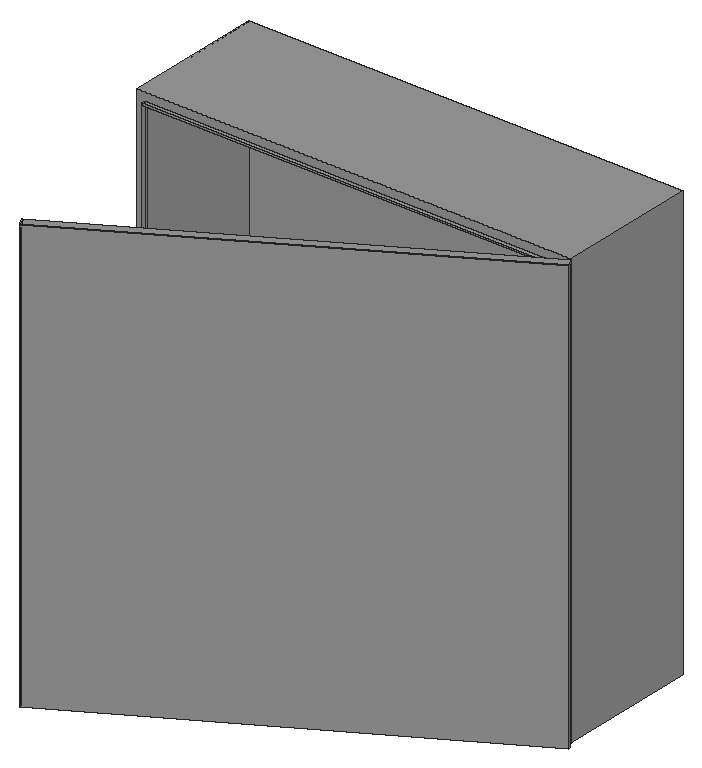
Revit family "Hager-Univers-IP55-D275-H800-Cl.I-Steel_encl-NoHosted-CH-de", category Equipement électrique, Revit 2020
Family settings
  Configuration du panneau = Deux colonnes, circuits au sein
  Cote de connecteur circulaire = Utiliser le diamètre
  Type d'élément = Tableau de raccordement
  Basée sur le plan de construction = Oui
  Toujours verticalement = Oui
  Couper avec des vides une fois chargée = Non
  Partagée = Non
  Point de calcul de pièce = Non
Parameters (values of type "Aufputz IP55 B800 H800 T275  - FR53E")
  Width Control [instance] = if([EF000008 - Breite] > Min Width, [EF000008 - Breite], Min Width)  # 800 mm
  Commentaires du type = [HG000003 - Bereich]  # "Univers"
  Thickness Door [instance] = if([EF009171 - Materialstärke Tür/Deckel] > 3 mm, 3 mm, [EF009171 - Materialstärke Tür/Deckel])  # 1.5 mm
  Seal Frame Offset [instance] = 17 mm  # constant formula
  Plinth Visibility [instance] = [HG000027 - Sockelhöhe] > 0 mm  # no
  Min Width [instance] = 100 mm  # constant formula
  Min Depth [instance] = (2 * [EF009170 - Materialstärke Gehäuse]) + 1 mm  # 4 mm
  Min Height [instance] = 100 mm  # constant formula
  Internal Frame Depth [instance] = (Door System Depth * 0.5)  # 9 mm
  Panel Name [instance] = ""  # (empty or 0)
  Model = ""
  HG000027 - Sockelhöhe = 0 mm
  HG000026 - Stehend auf dem Boden = no
  HG000024 - Höhe des unteren Teils = 600 mm
  HG000023 - Gehäuse mit doppeltem Querschnitt = no
  HG000016 - 3D-Türsichtbarkeit [instance] = yes
  HG000015 - Sichtbarkeit der Türöffnung [instance] = no
  HG000014 - Tür rechts [instance] = yes
  HG000013 - Tür links [instance] = not([HG000014 - Tür rechts])  # no
  HG000012 - Türschwenkwinkel [instance] = 30.00°
  HG000010 - Asymmetrische Türen = no
  HG000009 - Doppelflügeligen Tür = no
  HG000006 - Unterputz = no
  HG000004 - Herstellerreferenz = "FR53E"
  HG000003 - Bereich = "Univers"
  HG000002 - Mit tür = yes
  Frame Offset Bottom [instance] = 10 mm  # constant formula
  Frame Offset [instance] = 15 mm  # constant formula
  EF015940 - Deckel mit Überdruckentlastung = no
  EF011959 - Schutzart (NEMA) = ""
  EF009554 - Anzahl der Öffnungen für Flanschplatten = 6
  EF009212 - Ausführung Deckel = "EV000116 - geschlossen"
  EF009171 - Materialstärke Tür/Deckel = 1.5 mm
  EF009170 - Materialstärke Gehäuse = 1.5 mm
  EF008873 - Nennstrom (In) = 800 A
  EF007800 - Geeignet für Blitzschutz = no
  EF006306 - Mit Schloss = no
  EF006244 - Transparenter Deckel/Tür = no
  EF005474 - Schutzart (IP) = "EV006420 - IP55"
  EF004464 - Art der Tür = "EV002646 - Einzel"
  EF004427 - Anzahl der Module = 180
  EF004293 - Schlagfestigkeit = "EV008784 - IK10"
  EF003532 - Geeignet für Außengebrauch = no
  EF002950 - Breite in Teilungseinheiten = 24
  EF001613 - Funktionserhalt = "EV000494 - ohne"
  EF001596 - Werkstoff des Gehäuses = "EV000179 - Stahl"
  EF001131 - Innentiefe = 275 mm
  EF001088 - Anbaumöglichkeit = yes
  EF000437 - Anzahl der Leitungseinführungen = 6
  EF000339 - Art der Abdeckung = "EV004216 - Tür"
  EF000266 - Anzahl der Reihen = 5
  EF000218 - Einbautiefe = 0 mm
  EF000118 - Mit Montageplatte = no
  EF000116 - RAL-Nummer = "7035"
  EF000049 - Tiefe = 275 mm
  EF000040 - Höhe = 800 mm
  EF000008 - Breite = 800 mm
  EF000007 - Farbe = "EV000270 - grau"
  EF000003 - Montageart = "EV000384 - Aufputz"
  Door System Leaf Tolerance [instance] = 1.5 mm  # constant formula
  Door System Depth [instance] = 18 mm  # constant formula
  Door Height [instance] = Height Control - [HG000027 - Sockelhöhe]  # 800 mm
  Description = ""
  Default Elevation = 1219.2 mm
  Connector Offset [instance] = Height Control / 2  # 400 mm
  Fabricant = "Hager"  # constant formula
  Height Control [instance] = if([EF000040 - Höhe] > Min Height, [EF000040 - Höhe], Min Height)  # 800 mm
  Depth Control [instance] = if([EF000049 - Tiefe] > Min Depth, [EF000049 - Tiefe], Min Depth)  # 275 mm
  Bottom Top Plate Trim [instance] = 1.5 mm  # constant formula
  Plinth height Ctrl [instance] = if([HG000027 - Sockelhöhe] > 0 mm, [HG000027 - Sockelhöhe], 12 mm)  # 12 mm
Types (5, lengths in mm): name | Width Control | HG000010 - Asymmetrische Türen | HG000009 - Doppelflügeligen Tür | HG000004 - Herstellerreferenz | EF009554 - Anzahl der Öffnungen für Flanschplatten | EF004464 - Art der Tür | EF004427 - Anzahl der Module | EF000437 - Anzahl der Leitungseinführungen | EF000008 - Breite
  Aufputz IP55 B1050 H800 T275  - FR54E | 1050 | no | yes | "FR54E" | 8 | "EV003602 - Doppel" | 240 | 8 | 1050
  Aufputz IP55 B1300 H800 T275  - FR55E | 1300 | yes | yes | "FR55E" | 10 | "EV003602 - Doppel" | 300 | 10 | 1300
  Aufputz IP55 B300 H800 T275  - FR51E | 300 | no | no | "FR51E" | 2 | "EV002646 - Einzel" | 60 | 2 | 300
  Aufputz IP55 B550 H800 T275  - FR52E | 550 | no | no | "FR52E" | 4 | "EV002646 - Einzel" | 120 | 4 | 550
  Aufputz IP55 B800 H800 T275  - FR53E | 800 | no | no | "FR53E" | 6 | "EV002646 - Einzel" | 180 | 6 | 800
Reference planes
  plane 1 "Center (Front/Back)": y = 0
  plane 2: z = 0
  plane 3 "Center (Left/Right)": x = 0
  plane 4: y = 0
  plane 5: y = 0
  plane 6: z = 0
  plane 7: x = -400
  plane 8: x = 400
  plane 9: x = 398.5
  plane 10: x = -398.5
  plane 11: z = 0
  plane 12: z = 1.5
  plane 13: y = -275
  plane 14: y = -1.5
  plane 15: x = 0
  plane 16: y = -257
  plane 17: y = -273.5
  plane 18: y = -255.5
  plane 19: x = -383.5
  plane 20: x = 383.5
  plane 21: z = 11.5
  plane 22: x = -383
  plane 23: x = 383
  plane 24: z = 0
  plane 25: z = 800
  plane 26: z = 800
  plane 27: z = 783.5
  plane 28: z = 798.5
Forms (mm)
  Extrusion 1, solid, material "Hager_Steel_RAL7035_Light_Grey", detail levels medium+fine
    sketch origin (-208.679, -4572, 0) x (-1, 0, 0) y (0, -1, 0)
      loop
        line (191.321, -4315) -> (-608.679, -4315) -> (-608.679, -4572) -> (191.321, -4572) -> (191.321, -4315)
    from 0 to 800
  Extrusion 2, void
    sketch origin (-350.771, -275, 1219.2) x (1, 0, 0) y (0, 0, 1)
      loop
        line (-47.729, -420.7) -> (-47.729, -1217.7) -> (749.271, -1217.7) -> (749.271, -420.7) -> (-47.729, -420.7)
    from -19.5 to -273.5
  Extrusion 3, void
    sketch origin (-290.084, -257, 1219.2) x (1, 0, 0) y (0, 0, 1)
      loop
        line (-93.416, -1207.7) -> (673.584, -1207.7) -> (673.584, -435.7) -> (-93.416, -435.7) -> (-93.416, -1207.7)
    from 0 to -1.5
  Extrusion 4, solid, material "Hager_Steel_RAL7035_Light_Grey", visible <- "Plinth Visibility", detail levels medium+fine
    sketch origin (0, 0, 0) x (1, 0, 0) y (0, 1, 0)
      loop
        line (-400, 0) -> (-400, -257) -> (400, -257) -> (400, 0) -> (-400, 0)
    from 0 to 12 <- "Plinth height Ctrl"
  Extrusion 5, solid, material "Hager_Steel_RAL7035_Light_Grey", detail levels coarse
    sketch origin (0, 0, 0) x (1, 0, 0) y (0, 1, 0)
      loop
        line (-400, 0) -> (-400, -275) -> (400, -275) -> (400, 0) -> (-400, 0)
    from 0 to 800 <- "Height Control"
  Sweep 6, void
    path in 3D
      loop
        line (-400, -257, 12) -> (400, -257, 12) -> (400, 0, 12) -> (-400, 0, 12) -> (-400, -257, 12)
    profile origin (-400, -128.5, 12) x (1, 0, 0) y (0, 0, 1)
      loop
        line (0, 0) -> (0, -1.5) -> (1.5, -1.5)
        arc (1.5, -1.5) -> (1.061, -0.439) -> (0, 0) r 1.5
  Extrusion 7, solid, material "Hager_Steel_RAL7035_Light_Grey", detail levels fine
    sketch origin (-400, -257, 0) x (1, 0, 0) y (0, 0, 1)
      loop
        line (16.5, 11.5) -> (783.5, 11.5) -> (783.5, 783.5) -> (16.5, 783.5) -> (16.5, 11.5)
      loop
        line (15, 10) -> (785, 10) -> (785, 785) -> (15, 785) -> (15, 10)
    from 0 to 9 <- "Internal Frame Depth"
Cuts and joins
  Extrusion 2, Extrusion 3 cuts Extrusion 1
  Sweep 6 cuts Extrusion 4
Lines and regions (mm)
  Masking region 1
    outline origin (0, 0, 0) x (1, 0, 0) y (0, 1, 0)
      loop
        line (-400, 0) -> (-400, -275) -> (400, -275) -> (400, 0) -> (-400, 0)
  Masking region 2, detail levels coarse
    outline origin (-290.084, -257, 1219.2) x (-1, 0, 0) y (0, 0, 1)
      loop
        line (-690.084, -1219.2) -> (109.916, -1219.2) -> (109.916, -419.2) -> (-690.084, -419.2) -> (-690.084, -1219.2)
  Masking region 3, detail levels coarse
    outline origin (0, 0, 0) x (0, 1, 0) y (0, 0, 1)
      loop
        line (0, 0) -> (0, 800) -> (-275, 800) -> (-275, 0) -> (0, 0)
  Masking region 4, visible <- "Plinth Visibility", detail levels medium+fine
    outline origin (0, 0, 0) x (0, 1, 0) y (0, 0, 1)
      loop
        line (-1.5, 12) -> (-255.5, 12)
        arc (-255.5, 12) -> (-255.939, 10.939) -> (-257, 10.5) r 1.5
        line (-257, 10.5) -> (-257, 0) -> (0, 0) -> (0, 10.5)
        arc (0, 10.5) -> (-1.061, 10.939) -> (-1.5, 12) r 1.5
  Masking region 5, detail levels medium+fine
    outline origin (0, 0, 594.038) x (0, 1, 0) y (0, 0, 1)
      loop
        line (0, -594.038) -> (0, 205.962) -> (-257, 205.962) -> (-257, -594.038) -> (0, -594.038)
  Masking region 6, detail levels medium+fine
    outline origin (-359.7, -257, 1211.883) x (-1, 0, 0) y (0, 0, 1)
      loop
        line (-759.7, -1211.883) -> (40.3, -1211.883) -> (40.3, -411.883) -> (-759.7, -411.883) -> (-759.7, -1211.883)
  Masking region 7, visible <- "Plinth Visibility", detail levels medium+fine
    outline origin (-320.334, -257, 1041.368) x (-1, 0, 0) y (0, 0, 1)
      loop
        line (-720.334, -1041.368) -> (79.666, -1041.368) -> (79.666, -1030.868)
        arc (79.666, -1030.868) -> (78.606, -1030.429) -> (78.166, -1029.368) r 1.5
        line (78.166, -1029.368) -> (-718.834, -1029.368)
        arc (-718.834, -1029.368) -> (-719.273, -1030.429) -> (-720.334, -1030.868) r 1.5
        line (-720.334, -1030.868) -> (-720.334, -1041.368)
  sketch lines
    curve 1: line (-400, 0, 12) -> (-400, -257, 12)
    curve 2: line (-400, -257, 12) -> (400, -257, 12)
    curve 3: line (400, 0, 12) -> (-400, 0, 12)
    curve 4: line (400, -257, 12) -> (400, 0, 12)
Dimensions and locks
  locked: plane 1 "Center (Front/Back)" to plane 5
  "EF009170 - Materialstärke Gehäuse": plane 7 to plane 10
  "EF009170 - Materialstärke Gehäuse": plane 8 to plane 9
  equal spacing: plane 7, plane 3 "Center (Left/Right)", plane 8
  "Width Control": plane 7 to plane 8
  "Depth Control": plane 4 to plane 13
  "EF009170 - Materialstärke Gehäuse": plane 4 to plane 14
  "Height Control": plane 25 to level
  "HG000027 - Sockelhöhe": plane 11 to level
  "EF009170 - Materialstärke Gehäuse": plane 12 to plane 11
  "EF009170 - Materialstärke Gehäuse": plane 17 to plane 13
  "EF009170 - Materialstärke Gehäuse": plane 18 to plane 16
  "Frame Offset Bottom": plane 21 to plane 12
  "Frame Offset": plane 10 to plane 19
  "Frame Offset": plane 9 to plane 20
  "Door System Depth": plane 16 to plane 13
  "Seal Frame Offset": plane 7 to plane 22
  "Seal Frame Offset": plane 8 to plane 23
  "EF009170 - Materialstärke Gehäuse": plane 26 to plane 28
  "Frame Offset": plane 28 to plane 27
  "Connector Offset": plane 2 to connector elem
  "Bottom Top Plate Trim": profile plane to Sweep 6 sketch curve
  "Bottom Top Plate Trim": Sweep 6 sketch curve to Sweep 6 sketch curve
  "Plinth height Ctrl": Masking region 4 sketch curve to level
  "Plinth height Ctrl": Masking region 7 sketch curve to level
  "Thickness Door": Extrusion 7 sketch curve to Extrusion 7 sketch curve  (x4)
  "Bottom Top Plate Trim": radius of Sweep 6 sketch curve
  "Bottom Top Plate Trim": radius of Masking region 4 sketch curve  (x2)
  "Bottom Top Plate Trim": radius of Masking region 7 sketch curve  (x2)
  aligned and locked: Extrusion 2 sketch curve to plane 12
  aligned and locked: Extrusion 2 sketch curve to plane 9
  aligned and locked: Extrusion 2 sketch curve to plane 10
  aligned and locked: Extrusion 2 to plane 14
  aligned and locked: Extrusion 1 sketch curve to plane 4
  aligned and locked: plane 8 to Extrusion 1 sketch curve
  aligned and locked: plane 7 to Extrusion 1 sketch curve
  aligned and locked: Extrusion 2 to plane 18
  aligned and locked: Extrusion 3 sketch curve to plane 19
  aligned and locked: plane 20 to Extrusion 3 sketch curve
  aligned and locked: Extrusion 3 to Extrusion 2
  aligned and locked: Extrusion 3 sketch curve to plane 21
  aligned and locked: plane 3 "Center (Left/Right)" to nested 1
  aligned and locked: Extrusion 1 sketch curve to plane 16
  aligned and locked: Extrusion 4 sketch curve to cut or joined group of Extrusion 1, Extrusion 2, Extrusion 3
  aligned and locked: Masking region 1 sketch curve to plane 7
  aligned and locked: Masking region 1 sketch curve to plane 5
  aligned and locked: Masking region 1 sketch curve to plane 8
  aligned and locked: Masking region 2 sketch curve to level
  aligned and locked: level to Masking region 3 sketch curve
  aligned and locked: plane 1 "Center (Front/Back)" to Masking region 3 sketch curve
  aligned and locked: plane 13 to Masking region 3 sketch curve
  aligned and locked: plane 5 to Masking region 4 sketch curve
  aligned and locked: Masking region 2 sketch curve to plane 8
  aligned and locked: Masking region 2 sketch curve to plane 7
  aligned and locked: plane 7 to nested 2
  aligned and locked: nested 2 to plane 5
  aligned and locked: plane 5 to Masking region 5 sketch curve
  aligned and locked: plane 26 to Masking region 5 sketch curve
  aligned and locked: Extrusion 5 sketch curve to plane 8
  aligned and locked: Extrusion 5 sketch curve to plane 7
  aligned and locked: Extrusion 5 sketch curve to plane 5
  aligned and locked: Extrusion 3 sketch curve to plane 27
  aligned and locked: Extrusion 2 sketch curve to plane 28
  aligned and locked: Masking region 2 to plane 25
  aligned and locked: Extrusion 4 to plane 16
  aligned and locked: profile plane to Sweep 6 sketch curve
  aligned and locked: Masking region 5 sketch curve to plane 24
  aligned and locked: level to Masking region 4 sketch curve
  aligned and locked: Masking region 1 to plane 13
  aligned and locked: nested 1 to plane 16
  aligned and locked: Masking region 3 to plane 25
  aligned and locked: plane 16 to Masking region 4 sketch curve
  aligned and locked: Masking region 5 sketch curve to plane 16
  aligned and locked: plane 24 to plane 11
  aligned and locked: plane 26 to plane 25
  aligned and locked: plane 26 to cut or joined group of Extrusion 1, Extrusion 2, Extrusion 3
  aligned and locked: nested 1 to plane 24
  aligned and locked: Extrusion 1 to Extrusion 3
  aligned and locked: Masking region 6 sketch curve to plane 8
  aligned and locked: Masking region 6 sketch curve to plane 24
  aligned and locked: Masking region 6 sketch curve to plane 7
  aligned and locked: Masking region 6 sketch curve to plane 26
  aligned and locked: Masking region 7 sketch curve to plane 7
  aligned and locked: level to Masking region 7 sketch curve
  aligned and locked: Masking region 7 sketch curve to plane 8
  aligned and locked: Extrusion 7 sketch curve to cut or joined group of Extrusion 1, Extrusion 2, Extrusion 3  (x4)
Automatic sketch dimensions
  plane 19 to Extrusion 3 sketch curve = 0 mm
  Extrusion 3 sketch curve to plane 20 = 0 mm
  Extrusion 3 sketch curve to plane 21 = 0 mm
  Extrusion 4 sketch curve to plane 7 = 0 mm
  Extrusion 4 sketch curve to plane 8 = 0 mm
  Extrusion 4 sketch curve to plane 16 = 0 mm
  Masking region 1 sketch curve to plane 13 = 0 mm
  Masking region 2 sketch curve to plane 25 = 0 mm
  Masking region 3 sketch curve to plane 25 = 0 mm
  Extrusion 5 sketch curve to plane 13 = 0 mm
  profile plane to Sweep 6 sketch curve = 0 mm
Nested families
  nested 1: "EC000058_Univers_Door" at (0, -257, 0), Double <- "HG000009 - Doppelflügeligen Tür", Transparent <- "EF006244 - Transparenter Deckel/Tür", Angle <- "HG000012 - Türschwenkwinkel", Door_Right <- "HG000014 - Tür rechts", Assymetrical <- "HG000010 - Asymmetrische Türen", Door <- "HG000002 - Mit tür", Width_Ctrl <- "Width Control", 3d_Door <- "HG000016 - 3D-Türsichtbarkeit", Clearance <- "HG000015 - Sichtbarkeit der Türöffnung", Door_Left <- "HG000013 - Tür links", Width <- "Width Control", Door_Depth <- "Door System Depth", Leaf_Tolerance <- "Door System Leaf Tolerance", Height <- "Door Height", Lock_Visibility <- "EF006306 - Mit Schloss", Thickness <- "Thickness Door", type "EC000058_Univers_Door", detail levels medium+fine
    with min_wh 4 mm, Width_Ctrl 800 mm, Width 800 mm, Transparent no, Thickness 1.5 mm, Seal_Material Hager_Rubber, Lock_Visibility no, Lock_Material Hager_Plastic_RAL9005_Jet_Black, Leaf_Width 800 mm, Leaf_Tolerance_External_Sides 0 mm, Leaf_Tolerance 1.5 mm, Leaf_Offset 0 mm, Leaf_Height 797 mm, Leaf_2_Width 800 mm, Leaf_2_Offset 400 mm, Leaf_1_Width 800 mm, Leaf_1_Offset 400 mm, Height_Ctrl 800 mm, Height 800 mm, Glass_Material Hager_Glass, Double_Clearance_Ctrl no, Double no, Door_Right_Ctrl yes, Door_Right yes, Door_Material Hager_Steel_RAL7035_Light_Grey, Door_Left_Ctrl no, Door_Left no, Door_Depth 18 mm, Door yes, Clearance_Material Hager_Clearance, Clearance_Depth 800 mm, Clearance_Ctrl no, Clearance no, Assymetrical no, Angle 30.00°, 3d_Door yes
  nested 2: "Hager_Enclosure_Symbol" at (-400, 0, 0), Height <- "Depth Control", Width <- "Width Control", type "Hager_Enclosure_Symbol"
    with Width_Ctrl 800 mm, Width 800 mm, Height_Ctrl 275 mm, Height 275 mm, A_Width_Int 18.047 mm, A_Width 216.562 mm, A_Height_Ctrl 240.625 mm, A_Height 240.625 mm
Connectors
  electrical at (0, 0, 400)
    settings: on plane 1 "Center (Front/Back)", index 1, voltage 0 V, apparent load 0 VA, apparent load phase1 0 VA, apparent load phase2 0 VA, apparent load phase3 0 VA, power factor 1, load classification "Other", number of poles 1, system type 30, power factor state 1, is connector primary yes, connector utility no, sub classification motor no, connector description ""
Definition of nested family "EC000058_Univers_Door"
  Parameters (values of type "EC000058_Univers_Door")
    min_wh [instance] = (2 * Thickness) + 1 mm  # 11 mm
    Width_Ctrl [instance] = 400 mm
    Width [instance] = 500 mm
    Transparent [instance] = yes
    Thickness [instance] = 5 mm
    Seal_Material [instance] = none
    Lock_Visibility [instance] = yes
    Lock_Material [instance] = none
    Leaf_Width [instance] = if((Width_Ctrl - 2 * Leaf_Tolerance_External_Sides) > 0 mm, (Width_Ctrl - 2 * Leaf_Tolerance_External_Sides), min_wh)  # 400 mm
    Leaf_Tolerance_External_Sides [instance] = 0 mm  # constant formula
    Leaf_Tolerance [instance] = 1.5 mm
    Leaf_Offset [instance] = 0 mm  # constant formula
    Leaf_Height [instance] = if((Height_Ctrl - 2 * Leaf_Tolerance) > 0 mm, (Height_Ctrl - 2 * Leaf_Tolerance), min_wh)  # 497 mm
    Leaf_2_Width [instance] = if(and(and(Double, Assymetrical), Door_Left), (Leaf_Width / 3) - (Leaf_Tolerance / 2), if(and(and(Double, Assymetrical), Door_Right), (Leaf_Width / 3) * 2 - (Leaf_Tolerance / 2), if(and(Double, not(Assymetrical)), (Leaf_Width / 2) - Leaf_Tolerance, Leaf_Width)))  # 400 mm
    Leaf_2_Offset [instance] = if(and(Double, Assymetrical), Leaf_2_Width / 2, if(and(Double, not(Assymetrical)), Leaf_Width / 4, Leaf_Width / 2))  # 200 mm
    Leaf_1_Width [instance] = if(and(and(Double, Assymetrical), Door_Right), (Leaf_Width / 3) - (Leaf_Tolerance / 2), if(and(and(Double, Assymetrical), Door_Left), (Width / 3) * 2 - (Leaf_Tolerance / 2), if(and(Double, not(Assymetrical)), (Leaf_Width / 2) - Leaf_Tolerance, Leaf_Width)))  # 400 mm
    Leaf_1_Offset [instance] = if(and(Double, Assymetrical), Leaf_1_Width / 2, if(and(Double, not(Assymetrical)), Leaf_Width / 4, Leaf_Width / 2))  # 200 mm
    Height_Ctrl [instance] = if(Height > min_wh, Height, min_wh)  # 500 mm
    Height [instance] = 500 mm
    Glass_Material [instance] = none
    Double_Clearance_Ctrl [instance] = and(Double, Clearance)  # no
    Double [instance] = no
    Door_Right_Ctrl [instance] = and(or(Door_Right, Double), Door)  # yes
    Door_Right [instance] = yes
    Door_Material [instance] = none
    Door_Left_Ctrl [instance] = and(or(Door_Left, Double), Door)  # no
    Door_Left [instance] = no
    Door_Depth [instance] = 30 mm
    Door [instance] = yes
    Default Elevation = 1219.2 mm
    Clearance_Material [instance] = none
    Clearance_Depth [instance] = if(Leaf_1_Width > Leaf_2_Width, Leaf_1_Width, Leaf_2_Width)  # 400 mm
    Clearance_Ctrl [instance] = and(not(Double), Clearance)  # yes
    Clearance [instance] = yes
    Assymetrical [instance] = yes
    Angle [instance] = 30.00°
    3d_Door [instance] = yes
  Reference planes
    plane 1 "Center (Front/Back)": y = 0
    plane 2 "Bottom": z = 0
    plane 3 "Center (Left/Right)": x = 0
    plane 4: z = 500
    plane 5: x = -200
    plane 6: x = 200
    plane 7: z = 500
    plane 8: x = -200
    plane 9: z = 0
    plane 10: x = 200
    plane 11: y = 0
    plane 12: z = 1.5
    plane 13: x = -600
    plane 14: y = -400
    plane 15: x = 600
    plane 16: x = 0
    plane 17: x = 0
    plane 18: x = -200
    plane 19: x = 200
    plane 20: z = 498.5
  Forms (mm)
    Extrusion 1, solid, material <- "Clearance_Material", visible <- "Double_Clearance_Ctrl"
      sketch origin (1200, 0, 0) x (1, 0, 0) y (0, 0, -1)
        loop
          line (-1800, -498.5) -> (-600, -498.5) -> (-600, 0) -> (-1800, 0) -> (-1800, -498.5)
      from 0 to -400
  Dimensions and locks
    equal spacing: plane 5, plane 3 "Center (Left/Right)", plane 6
    "Width_Ctrl": plane 5 to plane 6
    "Leaf_Offset": plane 5 to plane 8
    "Leaf_Offset": plane 6 to plane 10
    "Leaf_Offset": plane 9 to level
    "Leaf_Offset": plane 4 to plane 7
    "Height_Ctrl": plane 4 to level
    "Leaf_Tolerance": plane 12 to plane 9
    locked: plane 11 to plane 1 "Center (Front/Back)"
    "Leaf_1_Offset": plane 18 to plane 16
    "Leaf_2_Offset": plane 17 to plane 19
    "Leaf_1_Width": plane 13 to plane 8
    "Leaf_2_Width": plane 10 to plane 15
    "Clearance_Depth": plane 14 to plane 1 "Center (Front/Back)"
    "Leaf_Tolerance_External_Sides": plane 8 to plane 18
    "Leaf_Tolerance_External_Sides": plane 19 to plane 10
    "Leaf_Tolerance": plane 7 to plane 20
    aligned and locked: level to plane 2 "Bottom"
    aligned and locked: nested 1 to plane 16
    aligned and locked: nested 2 to plane 17
    aligned and locked: Extrusion 1 to plane 13
    aligned and locked: plane 15 to Extrusion 1
    aligned and locked: Extrusion 1 to plane 14
    aligned and locked: plane 12 to nested 1
    aligned and locked: nested 2 to plane 12
    aligned and locked: Extrusion 1 to plane 11
    aligned and locked: plane 20 to Extrusion 1
    aligned and locked: nested 2 to plane 11
    aligned and locked: nested 1 to plane 11
  Automatic sketch dimensions
    Extrusion 1 sketch curve to level = 0 mm
    plane 5 to Extrusion 1 sketch curve = 400 mm
    plane 6 to Extrusion 1 sketch curve = 400 mm
    Extrusion 1 sketch curve to plane 4 = 1.5 mm
  Nested families
    nested 1: "EC000058_Univers_Door_Leaf" at (0, 0, 1.5), Width <- "Leaf_1_Width", visible <- "Door_Left_Ctrl", Leaf_Height <- "Leaf_Height", Angle <- "Angle", 3d_Door <- "3d_Door", Transparent <- "Transparent", Clearance Material <- "Clearance_Material", Clearance <- "Clearance_Ctrl", Door_Material <- "Door_Material", Glass_Material <- "Glass_Material", Door_Depth <- "Door_Depth", Lock_Material <- "Lock_Material", Seal_Material <- "Seal_Material", Lock_Visibility <- "Lock_Visibility", Thickness <- "Thickness", type "EC000058_Univers_Door_Leaf"
      with Width 400 mm, Transparent_Glass_Offset 30 mm, Transparent_Ctrl yes, Transparent yes, Thickness 5 mm, Standard no, Seal_Material none, Seal_D2 8 mm, Seal_D1 1 mm, Offset_Internal_Frame 10 mm, Lock_Width 20 mm, Lock_Visibility_3d yes, Lock_Visibility yes, Lock_Thickness_3 3 mm, Lock_Thickness_2 1 mm, Lock_Thickness_1 3 mm, Lock_Radius_Offset_2 16 mm, Lock_Radius_Offset_1 15 mm, Lock_Radius_2 5 mm, Lock_Radius 6 mm, Lock_Offset 5 mm, Lock_Material none, Lock_Height 80 mm, Lock_Cover_Top_Offset_2d 17 mm, Lock_Cover_Height -65 mm, Leaf_Height 497 mm, Internal_Seal_Thickness 8 mm, Internal_Seal_Depth_2 4.5 mm, Internal_Frame_Depth 25 mm, Glass_Thickness -1 mm, Glass_Offset -2 mm, Glass_Material none, Door_Material none, Door_Depth 30 mm, Clearance Material none, Clearance yes, Angle_Ctrl 30.00°, Angle 30.00°, 3d_Door yes
    nested 2: "EC000058_Univers_Door_Leaf" at (0, 0, 1.5) x (-1, 0, 0) z (0, 0, 1), Width <- "Leaf_2_Width", visible <- "Door_Right_Ctrl", Leaf_Height <- "Leaf_Height", Angle <- "Angle", 3d_Door <- "3d_Door", Transparent <- "Transparent", Clearance Material <- "Clearance_Material", Clearance <- "Clearance_Ctrl", Door_Material <- "Door_Material", Glass_Material <- "Glass_Material", Door_Depth <- "Door_Depth", Lock_Material <- "Lock_Material", Seal_Material <- "Seal_Material", Lock_Visibility <- "Lock_Visibility", Thickness <- "Thickness", type "EC000058_Univers_Door_Leaf"
      with Width 400 mm, Transparent_Glass_Offset 30 mm, Transparent_Ctrl yes, Transparent yes, Thickness 5 mm, Standard no, Seal_Material none, Seal_D2 8 mm, Seal_D1 1 mm, Offset_Internal_Frame 10 mm, Lock_Width 20 mm, Lock_Visibility_3d yes, Lock_Visibility yes, Lock_Thickness_3 3 mm, Lock_Thickness_2 1 mm, Lock_Thickness_1 3 mm, Lock_Radius_Offset_2 16 mm, Lock_Radius_Offset_1 15 mm, Lock_Radius_2 5 mm, Lock_Radius 6 mm, Lock_Offset 5 mm, Lock_Material none, Lock_Height 80 mm, Lock_Cover_Top_Offset_2d 17 mm, Lock_Cover_Height -65 mm, Leaf_Height 497 mm, Internal_Seal_Thickness 8 mm, Internal_Seal_Depth_2 4.5 mm, Internal_Frame_Depth 25 mm, Glass_Thickness -1 mm, Glass_Offset -2 mm, Glass_Material none, Door_Material none, Door_Depth 30 mm, Clearance Material none, Clearance yes, Angle_Ctrl 30.00°, Angle 30.00°, 3d_Door yes
  Definition of nested family "EC000058_Univers_Door_Leaf"
    Parameters (values of type "EC000058_Univers_Door_Leaf")
      Width [instance] = 2000 mm
      Transparent_Glass_Offset [instance] = 30 mm
      Transparent_Ctrl [instance] = and(Transparent, [3d_Door])  # yes
      Transparent [instance] = yes
      Thickness [instance] = 5 mm
      Standard [instance] = and(not(Transparent), [3d_Door])  # no
      Seal_Material [instance] = none
      Seal_D2 [instance] = 8 mm  # constant formula
      Seal_D1 [instance] = 1 mm  # constant formula
      Offset_Internal_Frame [instance] = 10 mm  # constant formula
      Lock_Width [instance] = 20 mm  # constant formula
      Lock_Visibility_3d [instance] = and(Lock_Visibility, [3d_Door])  # yes
      Lock_Visibility [instance] = yes
      Lock_Thickness_3 [instance] = 3 mm  # constant formula
      Lock_Thickness_2 [instance] = 1 mm  # constant formula
      Lock_Thickness_1 [instance] = 3 mm  # constant formula
      Lock_Radius_Offset_2 [instance] = Lock_Radius_Offset_1 + 1 mm  # 16 mm
      Lock_Radius_Offset_1 [instance] = 15 mm  # constant formula
      Lock_Radius_2 [instance] = Lock_Radius - 1 mm  # 5 mm
      Lock_Radius [instance] = 6 mm  # constant formula
      Lock_Offset [instance] = 5 mm  # constant formula
      Lock_Material [instance] = none
      Lock_Height [instance] = 80 mm  # constant formula
      Lock_Cover_Top_Offset_2d [instance] = Lock_Radius_Offset_2 + 1 mm  # 17 mm
      Lock_Cover_Height [instance] = -(Lock_Height - Lock_Radius_Offset_1)  # -65 mm
      Leaf_Height [instance] = 2720.336 mm
      Internal_Seal_Thickness [instance] = 8 mm  # constant formula
      Internal_Seal_Depth_2 [instance] = 4.5 mm  # constant formula
      Internal_Frame_Depth [instance] = if(Door_Depth - Thickness > 5 mm, Door_Depth - Thickness, 5 mm)  # 25 mm
      Glass_Thickness [instance] = if(Thickness > 15 mm, Glass_Offset + 10 mm, -1 mm)  # -1 mm
      Glass_Offset [instance] = if(Thickness > 15 mm, -(Thickness + 10 mm) / 2, -2 mm)  # -2 mm
      Glass_Material [instance] = none
      Door_Material [instance] = none
      Door_Depth [instance] = 30 mm
      Default Elevation = 0 mm
      Clearance Material [instance] = none
      Clearance [instance] = yes
      Angle_Ctrl [instance] = if(Angle > 180.00°, 180.00°, Angle)  # 90.00°
      Angle [instance] = 90.00°
      3d_Door [instance] = yes
    Reference planes
      plane 1 "Center (Front/Back)": y = 0
      plane 2: z = 0
      plane 3 "Center (Left/Right)": x = 0
      plane 4: y = 2000
      plane 5: x = -1000
      plane 6: x = 1000
      plane 7: x = -3000
      plane 8: z = 2720.336
      plane 9: z = 30
      plane 10: z = 2690.336
      plane 11: x = 970
      plane 12: x = -970
      plane 13: y = -3
      plane 14: z = 107.833
      plane 15: y = -5
      plane 16: y = -223.314
      plane 17: x = -1000
      plane 18: z = 1360.168
      plane 19: y = 30
    Forms (mm)
      Extrusion 1, solid, material <- "Clearance Material", visible <- "Clearance"
        sketch origin (0, 0, 0) x (1, 0, 0) y (0, 0, 1)
          loop
            line (-3000, 2720.336) -> (-3000, 0) -> (1000, 0) -> (1000, 2720.336) -> (-3000, 2720.336)
        from 0 to -2000
      Extrusion 2, solid, material <- "Door_Material", visible <- "Standard", detail levels medium+fine
        sketch origin (-1000, 0, 0) x (0, 1, 0) y (-1, 0, 0)
          loop
            line (0, 30) -> (0, 25) -> (2000, 25) -> (2000, 30) -> (0, 30)
        from 0 to 2720.336 <- "Leaf_Height"
      Extrusion 3, solid, material <- "Door_Material", visible <- "Transparent_Ctrl", detail levels medium+fine
        sketch origin (-1000, 0, 0) x (0, 1, 0) y (-1, 0, 0)
          loop
            line (0, 25) -> (2000, 25) -> (2000, 30) -> (0, 30) -> (0, 25)
        from 0 to 2720.336 <- "Leaf_Height"
      Extrusion 4, void
        sketch origin (-1025, 2000, 0) x (0, 1, 0) y (0, 0, -1)
          loop
            line (-30, -2690.336) -> (-30, -30) -> (-1970, -30) -> (-1970, -2690.336) -> (-30, -2690.336)
        from 0 to 5 <- "Thickness"
      Sweep 5, solid, material <- "Seal_Material", visible <- "Transparent_Ctrl", detail levels fine
        path in 3D
          loop
            line (-1025, 30, 30) -> (-1025, 30, 2690.336) -> (-1025, 1970, 2690.336) -> (-1025, 1970, 30) -> (-1025, 30, 30)
        profile origin (-1025, 1000, 30) x (1, 0, 0) y (0, 0, 1)
          loop
            line (0, 0) -> (0, -8) -> (1, -8) -> (1, 0) -> (0, 0)
      Extrusion 6, solid, material <- "Glass_Material", visible <- "Transparent_Ctrl", detail levels medium+fine
        sketch origin (-1030, 0, 0) x (0, 1, 0) y (0, 0, -1)
          loop
            line (1970, -2690.336) -> (1970, -30) -> (30, -30) -> (30, -2690.336) -> (1970, -2690.336)
        from -2 <- "Glass_Offset" to -1 <- "Glass_Thickness"
      Extrusion 7, solid, material <- "Door_Material", visible <- "3d_Door", detail levels medium+fine
        sketch origin (-1025, 2000, 0) x (0, -1, 0) y (0, 0, -1)
          loop
            line (0, -2720.336) -> (2000, -2720.336) -> (2000, 0) -> (0, 0) -> (0, -2720.336)
          loop
            line (1995, -5) -> (5, -5) -> (5, -2715.336) -> (1995, -2715.336) -> (1995, -5)
        from 0 to 25 <- "Internal_Frame_Depth"
      Sweep 8, solid, material <- "Seal_Material", visible <- "Transparent_Ctrl", detail levels fine
        path in 3D
          loop
            line (-1025, 0, 0) -> (-1025, 2000, 0) -> (-1025, 2000, 2720.336) -> (-1025, 0, 2720.336) -> (-1025, 0, 0)
        profile origin (-1025, 0, 1360.168) x (1, 0, 0) y (0, 1, 0)
          loop
            line (0, 10) -> (2.975, 10)
            arc (2.975, 10) -> (4.053, 10.447) -> (4.5, 11.525) r 1.525
            line (4.5, 11.525) -> (4.5, 16.527)
            arc (4.5, 16.527) -> (4.069, 17.569) -> (3.027, 18) r 1.473
            line (3.027, 18) -> (0, 18) -> (0, 10)
      Extrusion 9, solid, material <- "Lock_Material", visible <- "Lock_Visibility_3d", detail levels fine
        sketch origin (-1030, 0, 0) x (0, 1, 0) y (0, 0, -1)
          loop
            arc (1993.5, -1400.168) -> (1994.561, -1399.729) -> (1995, -1398.668) r 1.5
            line (1995, -1398.668) -> (1995, -1320.168) -> (1975, -1320.168) -> (1975, -1398.668)
            arc (1975, -1398.668) -> (1975.439, -1399.729) -> (1976.5, -1400.168) r 1.5
            line (1976.5, -1400.168) -> (1993.5, -1400.168)
        from 3 <- "Lock_Thickness_1" to 0
      Blend 10, solid, material <- "Lock_Material", visible <- "Lock_Visibility_3d", detail levels fine
        base sketch origin (-1033, 0, 0) x (0, 1, 0) y (0, 0, -1)
          loop
            line (1975, -1320.168) -> (1975, -1398.668)
            arc (1975, -1398.668) -> (1975.439, -1399.729) -> (1976.5, -1400.168) r 1.5
            line (1976.5, -1400.168) -> (1993.5, -1400.168)
            arc (1993.5, -1400.168) -> (1994.561, -1399.729) -> (1995, -1398.668) r 1.5
            line (1995, -1398.668) -> (1995, -1320.168) -> (1975, -1320.168)
        top sketch origin (-1033, 0, 0) x (0, 1, 0) y (0, 0, -1)
          loop
            line (1976, -1320.168) -> (1976, -1398.668)
            arc (1976, -1398.668) -> (1976.146, -1399.022) -> (1976.5, -1399.168) r 0.5
            line (1976.5, -1399.168) -> (1993.5, -1399.168)
            arc (1993.5, -1399.168) -> (1993.854, -1399.022) -> (1994, -1398.668) r 0.5
            line (1994, -1398.668) -> (1994, -1320.168) -> (1976, -1320.168)
        from 0 to 1 <- "Lock_Thickness_2"
      Blend 11, solid, material <- "Lock_Material", visible <- "Lock_Visibility_3d", detail levels fine
        base sketch origin (-1034, 0, 0) x (0, 1, 0) y (0, 0, -1)
          loop
            line (1978, -1320.168) -> (1978, -1384.168)
            arc (1978, -1384.168) -> (1985, -1391.168) -> (1992, -1384.168) r 7
            line (1992, -1384.168) -> (1992, -1320.168) -> (1978, -1320.168)
        top sketch origin (-1034, 0, 0) x (0, 1, 0) y (0, 0, -1)
          loop
            line (1991, -1320.168) -> (1979, -1320.168) -> (1979, -1383.168)
            arc (1979, -1383.168) -> (1985, -1389.168) -> (1991, -1383.168) r 6
            line (1991, -1383.168) -> (1991, -1320.168)
        from 0 to 3 <- "Lock_Thickness_3"
      Extrusion 12, solid, material <- "Lock_Material", visible <- "Lock_Visibility_3d", detail levels fine
        sketch origin (-1030, 1975, 1320.168) x (1, 0, 0) y (0, -1, 0)
          loop
            line (-7, -19) -> (-7, -1) -> (0, -1) -> (0, 0) -> (-8, 0) -> (-8, -20) -> (0, -20) -> (0, -19) -> (-7, -19)
        from 0 to -65 <- "Lock_Cover_Height"
      Extrusion 13, void
        sketch origin (-1038, 1995, 1320.168) x (-1, 0, 0) y (0, 0, -1)
          loop
            line (-5, -65) -> (0, -65) -> (-5, -60) -> (-5, -65)
        from 0 to 20 <- "Lock_Width"
      Extrusion 14, void
        sketch origin (-1038, 1975, 1320.168) x (0, -1, 0) y (0, 0, -1)
          loop
            circle (-10, -15.995) r 6
          loop
            circle (-10, -15.995) r 5
        from 0 to 2
      Extrusion 15, solid, material <- "Lock_Material", visible <- "Lock_Visibility_3d", detail levels medium
        sketch origin (-1030, 0, 0) x (0, 1, 0) y (0, 0, -1)
          loop
            arc (1993.5, -1400.168) -> (1994.561, -1399.729) -> (1995, -1398.668) r 1.5
            line (1995, -1398.668) -> (1995, -1320.168) -> (1975, -1320.168) -> (1975, -1398.668)
            arc (1975, -1398.668) -> (1975.439, -1399.729) -> (1976.5, -1400.168) r 1.5
            line (1976.5, -1400.168) -> (1993.5, -1400.168)
        from 8 to 0
    Cuts and joins
      Extrusion 4 cuts Extrusion 3
      Extrusion 13, Extrusion 14 cuts Extrusion 9
      Extrusion 14 cuts Blend 11
      Extrusion 13, Extrusion 14 cuts Extrusion 12
      joined: Extrusion 9, Blend 10, Blend 11, Extrusion 12
      Extrusion 14 cuts Extrusion 15
    Lines and regions (mm)
      Masking region 1, visible <- "Lock_Visibility", detail levels fine
        outline origin (0, 0, 0) x (0, 1, 0) y (0, 0, 1)
          loop
            line (30, 1320.168) -> (33, 1320.168) -> (33, 1400.168) -> (30, 1400.168) -> (30, 1320.168)
      Masking region 2, visible <- "Lock_Visibility", detail levels fine
        outline origin (0, 3.143, 0) x (0, 1, 0) y (0, 0, 1)
          loop
            line (29.857, 1354.168) -> (30.857, 1354.168) -> (30.857, 1366.168) -> (29.857, 1366.168) -> (29.857, 1354.168)
      Masking region 3, detail levels medium+fine
        outline origin (0, 0, 0) x (0, 1, 0) y (0, 0, 1)
          loop
            line (0, 0) -> (30, 0) -> (30, 2720.336) -> (0, 2720.336) -> (0, 0)
      Masking region 4, detail levels medium+fine
        outline origin (0, 0, 0) x (1, 0, 0) y (0, 0, 1)
          loop
            line (-1000, 2720.336) -> (-1000, 0) -> (1000, 0) -> (1000, 2720.336) -> (-1000, 2720.336)
      Masking region 5, visible <- "Lock_Visibility", detail levels fine
        outline origin (-47.116, 0, 0) x (1, 0, 0) y (0, 0, 1)
          loop
            arc (1024.616, 1399.168) -> (1023.556, 1398.729) -> (1023.116, 1397.668) r 1.5
            line (1023.116, 1397.668) -> (1023.116, 1320.168) -> (1041.116, 1320.168) -> (1041.116, 1397.668)
            arc (1041.116, 1397.668) -> (1040.677, 1398.729) -> (1039.616, 1399.168) r 1.5
            line (1039.616, 1399.168) -> (1024.616, 1399.168)
      Masking region 6, visible <- "Lock_Visibility", detail levels medium+fine
        outline origin (-25, 0, 0) x (1, 0, 0) y (0, 0, 1)
          loop
            arc (1001.5, 1400.168) -> (1000.439, 1399.729) -> (1000, 1398.668) r 1.5
            line (1000, 1398.668) -> (1000, 1320.168) -> (1020, 1320.168) -> (1020, 1398.668)
            arc (1020, 1398.668) -> (1019.561, 1399.729) -> (1018.5, 1400.168) r 1.5
            line (1018.5, 1400.168) -> (1001.5, 1400.168)
      Masking region 7, visible <- "Lock_Visibility", detail levels fine
        outline origin (-73.735, 0, 0) x (1, 0, 0) y (0, 0, 1)
          loop
            line (1051.735, 1382.168) -> (1065.735, 1382.168) -> (1065.735, 1384.168)
            arc (1065.735, 1384.168) -> (1058.735, 1391.168) -> (1051.735, 1384.168) r 7
            line (1051.735, 1384.168) -> (1051.735, 1382.168)
      Masking region 8, visible <- "Lock_Visibility", detail levels fine
        outline origin (-73.735, 0, 0) x (1, 0, 0) y (0, 0, 1)
          loop
            line (1052.735, 1382.168) -> (1064.735, 1382.168) -> (1064.735, 1383.168)
            arc (1064.735, 1383.168) -> (1058.735, 1389.168) -> (1052.735, 1383.168) r 6
            line (1052.735, 1383.168) -> (1052.735, 1382.168)
      Masking region 9, visible <- "Lock_Visibility", detail levels fine
        outline origin (-25, 0, 0) x (1, 0, 0) y (0, 0, 1)
          loop
            line (1020, 1320.168) -> (1020, 1382.168) -> (1000, 1382.168) -> (1000, 1320.168) -> (1020, 1320.168)
      Masking region 10, detail levels medium+fine
        outline origin (0, 0, 0) x (1, 0, 0) y (0, 0, 1)
          loop
            circle (985, 1335.144) r 6
      Masking region 11, detail levels fine
        outline origin (0, 0, 0) x (1, 0, 0) y (0, 0, 1)
          loop
            circle (985, 1335.144) r 5
      Masking region 12, visible <- "Lock_Visibility", detail levels fine
        outline origin (0, 12.767, 0) x (0, 1, 0) y (0, 0, 1)
          loop
            line (20.233, 1320.168) -> (21.233, 1320.168) -> (21.233, 1399.168) -> (20.233, 1400.168) -> (20.233, 1320.168)
      Masking region 13, visible <- "Lock_Visibility", detail levels fine
        outline origin (0, 13.767, -10) x (0, 1, 0) y (0, 0, 1)
          loop
            line (20.233, 1330.168) -> (23.233, 1330.168) -> (23.233, 1399.168) -> (20.233, 1402.168) -> (20.233, 1330.168)
      Masking region 14, visible <- "Lock_Visibility", detail levels fine
        outline origin (0, 12.767, -10) x (0, 1, 0) y (0, 0, 1)
          loop
            line (20.233, 1330.168) -> (25.233, 1330.168) -> (25.233, 1399.305) -> (20.233, 1394.305) -> (20.233, 1330.168)
      Masking region 15, visible <- "Lock_Visibility", detail levels medium
        outline origin (0, 0, 0) x (0, 1, 0) y (0, 0, 1)
          loop
            line (30, 1320.168) -> (38, 1320.168) -> (38, 1400.168) -> (30, 1400.168) -> (30, 1320.168)
      Masking region 16, visible <- "Lock_Visibility", detail levels fine
        outline origin (-1000, 0, 0) x (0, 1, 0) y (-1, 0, 0)
          loop
            line (1975, 30) -> (1995, 30) -> (1995, 38) -> (1975, 38) -> (1975, 30)
          loop
            line (1979, 37) -> (1976, 37) -> (1976, 34) -> (1978, 34) -> (1979, 37)
          loop
            line (1994, 37) -> (1991, 37) -> (1992, 34) -> (1994, 34) -> (1994, 37)
      Masking region 17, visible <- "Lock_Visibility", detail levels medium
        outline origin (-1000, 0, 0) x (0, 1, 0) y (-1, 0, 0)
          loop
            line (1975, 30) -> (1995, 30) -> (1995, 38) -> (1975, 38) -> (1975, 30)
      symbolic lines
        curve 1: line (1000, 0, 0) -> (-3000, 0, 0)
        curve 2: arc (1000, 0, 0) -> (-1000, 2000, 0) -> (-3000, 0, 0) r 2000
        curve 4: line (-1030, 0, 0) -> (-1030, 2000, 0)
      reference lines
        curve 3: line (-1000, 0, 0) -> (-1000, 2000, 0)
      symbolic lines, detail levels medium+fine
        curve 5: line (-1030, 2000, 0) -> (-1025, 2000, 0)
        curve 7: line (-1025, 0, 0) -> (-1030, 0, 0)
        curve 8: line (-1025, 0, 0) -> (-1000, 0, 0)
        curve 9: line (-1000, 0, 0) -> (-1000, 2000, 0)
        curve 10: line (-1000, 2000, 0) -> (-1025, 2000, 0)
      symbolic lines, detail levels fine
        curve 6: line (-1025, 2000, 0) -> (-1025, 0, 0)
      sketch lines
        curve 11: line (-1025, 0, 2720.336) -> (-1025, 0, 0)
        curve 12: line (-1025, 2000, 0) -> (-1025, 0, 0)
        curve 13: line (-1025, 2000, 2720.336) -> (-1025, 2000, 0)
        curve 14: line (-1025, 0, 2720.336) -> (-1025, 2000, 2720.336)
        curve 15: line (-1025, 1970, 30) -> (-1025, 30, 30)
        curve 16: line (-1025, 30, 30) -> (-1025, 30, 2690.336)
        curve 17: line (-1025, 1970, 2690.336) -> (-1025, 1970, 30)
        curve 18: line (-1025, 30, 2690.336) -> (-1025, 1970, 2690.336)
      symbolic lines, visible <- "Transparent", detail levels medium+fine
        curve 19: line (-970, 0, 2690.336) -> (970, 0, 2690.336)
        curve 20: line (-970, 0, 30) -> (-970, 0, 2690.336)
        curve 21: line (970, 0, 30) -> (-970, 0, 30)
        curve 22: line (970, 0, 2690.336) -> (970, 0, 30)
    Dimensions and locks
      "Width": plane 1 "Center (Front/Back)" to plane 4
      equal spacing: plane 5, plane 3 "Center (Left/Right)", plane 6
      "Width": plane 5 to plane 6
      "Width": plane 7 to plane 5
      "Leaf_Height": plane 8 to level
      "Width": curve 5 to curve 3
      "Width": curve 3 to curve 3
      plane 8 to plane 10 = 30 mm
      plane 9 to level = 30 mm
      plane 12 to plane 5 = 30 mm
      plane 6 to plane 11 = 30 mm
      Extrusion 1 to Extrusion 4 sketch curve = 30 mm
      "Transparent_Glass_Offset": curve 3 to Extrusion 4 sketch curve
      "Transparent_Glass_Offset": Extrusion 4 sketch curve to cut or joined group of Extrusion 3, Extrusion 4  (x2)
      cut or joined group of Extrusion 3, Extrusion 4 to Extrusion 6 sketch curve = 30 mm
      "Transparent_Glass_Offset": cut or joined group of Extrusion 3, Extrusion 4 to Extrusion 4 sketch curve
      "Thickness": curve 6 to curve 4
      "Thickness": Extrusion 7 sketch curve to Extrusion 7 sketch curve  (x4)
      "Door_Depth": curve 4 to curve 3
      "Offset_Internal_Frame": profile plane to Sweep 8 sketch curve
      "Internal_Seal_Thickness": Sweep 8 sketch curve to Sweep 8 sketch curve
      "Internal_Seal_Depth_2": profile plane to Sweep 8 sketch curve
      "Seal_D1": profile plane to Sweep 5 sketch curve
      "Seal_D2": profile plane to Sweep 5 sketch curve
      "Thickness": Extrusion 2 sketch curve to Extrusion 2 sketch curve
      equal spacing: Extrusion 9 sketch curve, plane 18, Extrusion 9 sketch curve  (x2)
      equal spacing: Masking region 1 sketch curve, plane 18, Masking region 1 sketch curve
      "Lock_Height": Masking region 1 sketch curve to Masking region 1 sketch curve
      "Lock_Radius": Masking region 2 sketch curve to plane 18 to Masking region 2 sketch curve
      Masking region 2 sketch curve to Masking region 1 = 1 mm
      "Door_Depth": plane 19 to plane 1 "Center (Front/Back)"
      "Lock_Thickness_1": Masking region 1 sketch curve to plane 19
      "Lock_Width": Extrusion 9 sketch curve to Extrusion 9 sketch curve
      "Lock_Height": Extrusion 9 sketch curve to Extrusion 9 sketch curve
      "Lock_Offset": cut or joined group of Extrusion 3, Extrusion 4 to Extrusion 9 sketch curve
      equal spacing: plane 8, plane 18, level
      "Lock_Radius_Offset_1": Blend 11 sketch curve to Blend 10
      locked: Blend 10 to Blend 11 sketch curve at 2  (x2)
      locked: var sketch to Blend 11 sketch curve at 1  (x2)
      "Lock_Radius_Offset_2": Blend 11 sketch curve to Blend 10
      locked: Extrusion 12 sketch curve to Extrusion 12 sketch curve at 1  (x3)
      Masking region 6 sketch curve to Masking region 6 sketch curve = 80 mm
      "Lock_Height": Masking region 6 sketch curve to Masking region 6 sketch curve
      "Lock_Width": Masking region 6 sketch curve to Masking region 6 sketch curve
      locked: Masking region 6 to Masking region 5 sketch curve at 1  (x3)
      locked: Masking region 5 to Masking region 7 sketch curve at 2  (x2)
      "Lock_Radius_Offset_1": Masking region 5 to Masking region 7 sketch curve
      "Lock_Radius_Offset_2": Masking region 5 to Masking region 8 sketch curve
      locked: Masking region 7 to Masking region 8 sketch curve at 1  (x2)
      "Lock_Cover_Top_Offset_2d": Masking region 5 to Masking region 9 sketch curve
      equal spacing: Masking region 9, Masking region 10 sketch curve, Masking region 9
      equal spacing: Masking region 9, Masking region 11 sketch curve, Masking region 9
      Extrusion 15 sketch curve to Extrusion 15 sketch curve = 80 mm
      "Lock_Width": Extrusion 15 sketch curve to Extrusion 15 sketch curve
      "Lock_Height": Extrusion 15 sketch curve to Extrusion 15 sketch curve
      equal spacing: Extrusion 15 sketch curve, plane 18, Extrusion 15 sketch curve
      "Lock_Thickness_3": Masking region 13 sketch curve to Masking region 13 sketch curve
      "Lock_Height": Masking region 12 sketch curve to Masking region 12 sketch curve
      locked: Masking region 13 sketch curve to Masking region 1 at 8
      locked: Masking region 14 sketch curve to Masking region 13 at 1
      locked: Masking region 14 sketch curve to Masking region 1 at 10.863
      "Lock_Height": Masking region 15 sketch curve to Masking region 15 sketch curve
      "Lock_Offset": Extrusion 15 sketch curve to cut or joined group of Extrusion 3, Extrusion 4
      "Lock_Offset": plane 6 to Masking region 6 sketch curve
      radius of Sweep 8 sketch curve = 1.525 mm
      radius of Sweep 8 sketch curve = 1.473 mm
      radius of Extrusion 9 sketch curve = 1.5 mm  (x2)
      "Lock_Radius": radius of Extrusion 14 sketch curve
      "Lock_Radius_2": radius of Extrusion 14 sketch curve
      "Lock_Radius": radius of Masking region 10 sketch curve
      "Lock_Radius_2": radius of Masking region 11 sketch curve
      radius of Extrusion 15 sketch curve = 1.5 mm  (x2)
      "Angle_Ctrl": angle plane 1 "Center (Front/Back)" to curve 3
      locked: Masking region 12 sketch curve to Masking region 12 sketch curve (angle 45.00°)
      locked: Masking region 13 sketch curve to Masking region 13 sketch curve (angle 45.00°)
      locked: Masking region 14 sketch curve to Masking region 14 sketch curve (angle 45.00°)
      aligned and locked: level to plane 2
      aligned and locked: Extrusion 1 to curve 1
      aligned and locked: plane 6 to Extrusion 1
      aligned and locked: Extrusion 1 to plane 1 "Center (Front/Back)"
      aligned and locked: plane 4 to Extrusion 1
      aligned and locked: plane 8 to Extrusion 1
      aligned and locked: curve 7 to Extrusion 2 sketch curve
      aligned and locked: curve 5 to Extrusion 2 sketch curve
      aligned and locked: curve 7 to Extrusion 3 sketch curve
      aligned and locked: Extrusion 3 sketch curve to curve 4
      aligned and locked: Extrusion 3 sketch curve to curve 6
      aligned and locked: Extrusion 3 sketch curve to curve 5
      aligned and locked: curve 9 to curve 3
      aligned and locked: Extrusion 7 sketch curve to cut or joined group of Extrusion 3, Extrusion 4  (x4)
      aligned and locked: plane 17 to curve 3
      aligned and locked: plane 1 "Center (Front/Back)" to curve 3
      aligned and locked: plane 17 to plane 5
      aligned and locked: Sweep 8 sketch curve to profile plane
      aligned and locked: Sweep 5 sketch curve to profile plane  (x2)
      aligned and locked: Masking region 1 to Masking region 2 sketch curve
      aligned and locked: plane 19 to Masking region 1 sketch curve
      aligned and locked: plane 1 "Center (Front/Back)" to Masking region 3 sketch curve
      aligned and locked: plane 19 to Masking region 3 sketch curve
      aligned and locked: level to Masking region 3 sketch curve
      aligned and locked: Masking region 3 sketch curve to plane 8
      aligned and locked: plane 17 to Masking region 4 sketch curve
      aligned and locked: level to Masking region 4 sketch curve
      aligned and locked: Masking region 4 sketch curve to plane 8
      aligned and locked: plane 12 to curve 20
      aligned and locked: plane 10 to curve 19
      aligned and locked: plane 11 to curve 22
      aligned and locked: curve 21 to plane 9
      aligned and locked: Extrusion 2 sketch curve to cut or joined group of Extrusion 3, Extrusion 4
      aligned and locked: Blend 10 sketch curve to Extrusion 9  (x4)
      aligned and locked: Extrusion 9 to Blend 10 sketch curve
      aligned and locked: Blend 10 to Blend 11 sketch curve
      aligned and locked: Extrusion 12 sketch curve to Blend 11
      aligned and locked: Extrusion 12 sketch curve to Extrusion 9  (x4)
      aligned and locked: Masking region 5 sketch curve to Masking region 6
      aligned and locked: Masking region 9 sketch curve to Masking region 6  (x3)
      aligned and locked: Masking region 12 sketch curve to Masking region 1
      aligned and locked: Masking region 13 sketch curve to Masking region 1
      aligned and locked: Masking region 12 to Masking region 14
      aligned and locked: Masking region 14 sketch curve to Masking region 1
      aligned and locked: Masking region 15 sketch curve to Masking region 14
      aligned and locked: Masking region 13 sketch curve to Masking region 12
      aligned and locked: Masking region 16 sketch curve to cut or joined group of Extrusion 14, Extrusion 15  (x4)
      aligned and locked: Masking region 16 sketch curve to cut or joined group of Extrusion 9, Blend 10, Blend 11, Extrusion 12, Extrusion 13, Extrusion 14  (x6)
      aligned and locked: cut or joined group of Extrusion 9, Blend 10, Blend 11, Extrusion 12, Extrusion 13, Extrusion 14 to Masking region 16 sketch curve
      aligned and locked: Masking region 17 sketch curve to cut or joined group of Extrusion 14, Extrusion 15  (x3)
      aligned and locked: Masking region 17 sketch curve to cut or joined group of Extrusion 9, Blend 10, Blend 11, Extrusion 12, Extrusion 13, Extrusion 14
      aligned and locked: Masking region 9 to Masking region 8 sketch curve
      aligned and locked: Masking region 9 to Masking region 7 sketch curve
    Automatic sketch dimensions
      plane 1 "Center (Front/Back)" to curve 2 = 0 mm
      curve 2 to plane 5 = 0 mm
      Extrusion 1 sketch curve to level = 0 mm
      Extrusion 1 sketch curve to plane 7 = 0 mm
      Extrusion 1 sketch curve to plane 6 = 0 mm
      Extrusion 1 sketch curve to plane 8 = 0 mm
      Extrusion 3 to Extrusion 6 sketch curve = 30 mm  (x4)
      Masking region 4 sketch curve to plane 6 = 0 mm
      Blend 10 sketch curve to Extrusion 9 = 1.5 mm
      Blend 10 sketch curve to Extrusion 9 = 1 mm
      Extrusion 13 sketch curve to Extrusion 12 = 0 mm  (x2)
      Extrusion 12 to Extrusion 13 sketch curve = 3 mm
      Extrusion 13 sketch curve to Extrusion 12 = 5 mm
      Extrusion 14 sketch curve to Extrusion 14 sketch curve = 0 mm  (x2)
      Extrusion 14 sketch curve to Extrusion 12 = 10 mm
      Extrusion 14 sketch curve to Extrusion 12 = 15.995 mm
      Masking region 5 sketch curve to Masking region 5 sketch curve = 1.5 mm  (x2)
      Masking region 10 sketch curve to plane 18 = 25.024 mm
      Masking region 11 sketch curve to plane 18 = 25.024 mm
      plane 19 to Masking region 14 sketch curve = 3 mm
      Masking region 16 sketch curve to Masking region 16 sketch curve = 3 mm
      curve 4 to curve 3 = 0 mm
      Blend 10 to Blend 11 sketch curve = 0 mm
      Masking region 6 sketch curve to Masking region 6 sketch curve = 1.5 mm  (x2)
      Masking region 6 sketch curve to plane 18 = 40 mm
      plane 19 to Masking region 12 sketch curve = 3 mm
      Masking region 12 sketch curve to Masking region 12 sketch curve = 1 mm
      Masking region 15 sketch curve to plane 19 = 0 mm
      Masking region 15 sketch curve to plane 18 = 40 mm
      radius of Blend 10 sketch curve to Extrusion 9 = 1 mm
Definition of nested family "Hager_Enclosure_Symbol"
  Parameters (values of type "Hager_Enclosure_Symbol")
    Width_Ctrl [instance] = if(Width > 1 mm, Width, 1 mm)  # 102.27 mm
    Width [instance] = 102.27 mm
    Height_Ctrl [instance] = if(Height > 1 mm, Height, 1 mm)  # 66.5 mm
    A_Width_Int [instance] = if(A_Width / 12 > 2 mm, A_Width / 12, 2 mm)  # 4.364 mm
    A_Width [instance] = if(A_Height_Ctrl * 0.9 > 2 mm, A_Height_Ctrl * 0.9, 2 mm)  # 52.369 mm
    A_Height_Ctrl [instance] = if(A_Height > 2 mm, A_Height, 2 mm)  # 58.188 mm
    Height [instance] = 66.5 mm
    A_Height [instance] = Height - (Height / 8)  # 58.188 mm
  Reference planes
    plane 1 "Centre (avant/arrière)": y = 0
    plane 2: z = 0
    plane 3 "Centre (gauche/droite)": x = 0
    plane 4: x = 52.369
    plane 5: y = 33.042
    plane 6: y = 41.77
    plane 7: y = 66.5
    plane 8: x = 26.184
    plane 9: y = 37.406
    plane 10: x = 102.27
    plane 11: y = 66.5
    plane 12: y = 8.313
  Lines and regions (mm)
    Filled region 1, type "Solid_Black", in view "Niveau de réf."
      outline origin (0, 0, 0) x (1, 0, 0) y (0, 1, 0)
        loop
          line (52.369, 66.5) -> (33.188, 54.536) -> (45.365, 45.006) -> (52.369, 66.5)
    Filled region 2, type "Solid_Black", in view "Niveau de réf."
      outline origin (0, 0, 0) x (1, 0, 0) y (0, 1, 0)
        loop
          line (0, 0) -> (102.27, 0) -> (102.27, 66.5) -> (0, 0)
    detail lines, in view "Niveau de réf."
      curve 1: line (0, 8.313, 0) -> (26.184, 41.77, 0)
      curve 2: line (26.184, 41.77, 0) -> (26.184, 33.042, 0)
      curve 3: line (26.184, 33.042, 0) -> (52.369, 66.5, 0)
  Dimensions and locks
    "A_Width": plane 3 "Centre (gauche/droite)" to plane 4
    equal spacing: plane 3 "Centre (gauche/droite)", plane 8, plane 4
    equal spacing: plane 6, plane 9, plane 5
    equal spacing: curve 3, Filled region 1 sketch curve, Filled region 1 sketch curve
    "Height_Ctrl": plane 1 "Centre (avant/arrière)" to plane 11
    "A_Height_Ctrl": plane 11 to plane 12
    equal spacing: plane 11, plane 9, plane 12
    "A_Width_Int": plane 6 to plane 9
    "Width_Ctrl": plane 3 "Centre (gauche/droite)" to plane 10
    angle Filled region 1 sketch curve to curve 3 = 20.00°
    angle curve 3 to Filled region 1 sketch curve = 20.00°
    locked: curve 3 to Filled region 1 sketch curve (angle 90.00°)
    aligned and locked: plane 10 to Filled region 2
    aligned and locked: plane 11 to Filled region 2 sketch curve
    aligned and locked: plane 10 to Filled region 2 sketch curve
    aligned and locked: plane 3 "Centre (gauche/droite)" to curve 1
    aligned and locked: plane 12 to curve 1
    aligned and locked: plane 7 to plane 11
  Automatic sketch dimensions
    Filled region 1 sketch curve to plane 4 = 0 mm
    Filled region 1 sketch curve to plane 7 = 0 mm
    plane 1 "Centre (avant/arrière)" to Filled region 2 sketch curve = 0 mm
    Filled region 2 sketch curve to plane 3 "Centre (gauche/droite)" = 0 mm
    curve 2 to plane 6 = 0 mm
    curve 2 to plane 8 = 0 mm
    curve 3 to plane 4 = 0 mm
    curve 2 to plane 5 = 0 mm
    curve 3 to plane 7 = 0 mm
